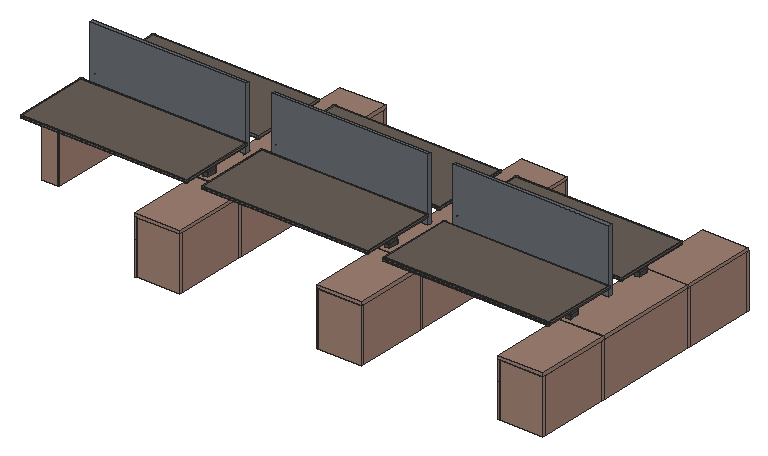
Revit family "T200198", category Furniture, Revit 2015 (continued)
Definition of nested family "STAKS HEIGHT ADJUSTABLE WORK GROUP PANEL BASE Dual User"
  Dimensions and locks (in)
    aligned and locked: plane 24 to Extrusion 16
    aligned and locked: Extrusion 16 to plane 27
    aligned and locked: Blend 17 to plane 25
    aligned and locked: plane 27 to Blend 17
    aligned and locked: Extrusion 18 to plane 24
    aligned and locked: Blend 19 to plane 27
    aligned and locked: plane 27 to Extrusion 18
    aligned and locked: plane 25 to Blend 19
  Automatic sketch dimensions
    Extrusion 1 sketch curve to plane 5 "Front End" = 0.00"
    plane 1 "Center Front/Back" to Extrusion 1 sketch curve = 0.00"
    Extrusion 2 sketch curve to plane 5 "Front End" = 0.00"
    Extrusion 2 sketch curve to plane 6 "Right End" = 0.00"
    Extrusion 2 sketch curve to plane 10 = 0.00"
    plane 1 "Center Front/Back" to Extrusion 2 sketch curve = 0.00"
    Extrusion 3 sketch curve to plane 5 "Front End" = 0.00"
    Extrusion 3 sketch curve to plane 18 = 0.00"
    Extrusion 4 sketch curve to plane 4 "Left End" = 0.00"
    Extrusion 4 sketch curve to plane 6 "Right End" = 0.00"
    Extrusion 4 sketch curve to plane 17 = 0.00"
    plane 1 "Center Front/Back" to Extrusion 4 sketch curve = 0.00"
    Extrusion 5 sketch curve to plane 5 "Front End" = 0.00"
    Extrusion 5 sketch curve to plane 20 = 0.00"
    Extrusion 5 sketch curve to plane 21 = 0.00"
    Extrusion 5 sketch curve to plane 18 = 0.00"
    Extrusion 6 sketch curve to plane 9 = 0.00"
    Extrusion 6 sketch curve to plane 10 = 0.00"
    Extrusion 6 sketch curve to plane 18 = 0.00"
    plane 1 "Center Front/Back" to Extrusion 6 sketch curve = 0.00"
    Extrusion 7 sketch curve to plane 4 "Left End" = 0.00"
    Extrusion 7 sketch curve to plane 6 "Right End" = 0.00"
    plane 17 to Extrusion 7 sketch curve = 0.00"
    Extrusion 7 sketch curve to plane 5 "Front End" = 0.00"
    Extrusion 8 sketch curve to plane 5 "Front End" = 0.00"
    Extrusion 8 sketch curve to plane 22 = 0.00"
    Extrusion 8 sketch curve to plane 23 = 0.00"
    Extrusion 8 sketch curve to plane 18 = 0.00"
    Extrusion 9 sketch curve to plane 11 = 0.00"
    Extrusion 9 sketch curve to plane 21 = 0.00"
    plane 23 to Extrusion 9 sketch curve = 0.00"
    plane 8 "Height Top" to Extrusion 9 sketch curve = 1.3125"
    Extrusion 10 sketch curve to plane 14 = 0.00"
    Extrusion 10 sketch curve to plane 16 = 0.00"
    Extrusion 10 sketch curve to plane 14 = 2.00"
    Extrusion 10 sketch curve to plane 16 = 0.125"  (x2)
    Extrusion 10 sketch curve to Extrusion 10 sketch curve = 3.50"
    Extrusion 10 sketch curve to Extrusion 10 sketch curve = 0.00"
    Extrusion 10 sketch curve to Extrusion 10 sketch curve = 0.125"
    Extrusion 11 sketch curve to plane 14 = 0.1875"
    Extrusion 11 sketch curve to plane 16 = 3.625"
    Extrusion 11 sketch curve to plane 16 = 0.1875"  (x2)
    Extrusion 11 sketch curve to plane 14 = 1.875"
    Extrusion 11 sketch curve to Extrusion 11 sketch curve = 0.0625"  (x3)
    Revolve 12 sketch curve to level = 0.00"
    plane 16 to Revolve 12 sketch curve = 0.00"
    Revolve 12 sketch curve to plane 12 = 0.00"  (x2)
    level to Revolve 12 sketch curve = 0.12502"
    Revolve 12 sketch curve to Revolve 12 sketch curve = 0.06202"
    Revolve 12 sketch curve to Revolve 12 sketch curve = 0.12498"
    Revolve 12 sketch curve to plane 16 = 0.188"  (x2)
    plane 12 to Revolve 12 sketch curve = 0.25"
    Revolve 13 sketch curve to level = 0.00"
    plane 15 to Revolve 13 sketch curve = 0.00"
    Revolve 13 sketch curve to plane 12 = 0.00"  (x2)
    level to Revolve 13 sketch curve = 0.25"
    Revolve 13 sketch curve to Revolve 13 sketch curve = 0.06202"
    Revolve 13 sketch curve to Revolve 13 sketch curve = 0.12498"
    plane 15 to Revolve 13 sketch curve = 0.188"  (x2)
    plane 12 to Revolve 13 sketch curve = 0.25"
    plane 14 to Extrusion 14 sketch curve = 0.00"
    Extrusion 14 sketch curve to plane 15 = 0.00"
    Extrusion 14 sketch curve to plane 14 = 0.125"  (x2)
    plane 15 to Extrusion 14 sketch curve = 0.125"
    Extrusion 14 sketch curve to Extrusion 14 sketch curve = 3.50"
    Extrusion 14 sketch curve to Extrusion 14 sketch curve = 0.00"
    Extrusion 14 sketch curve to Extrusion 14 sketch curve = 1.75"
    Extrusion 15 sketch curve to plane 14 = 0.1875"
    plane 15 to Extrusion 15 sketch curve = 3.625"
    Extrusion 15 sketch curve to plane 14 = 0.125"
    Extrusion 15 sketch curve to Extrusion 15 sketch curve = 0.0625"  (x2)
    plane 15 to Extrusion 15 sketch curve = 0.1875"  (x2)
    Extrusion 15 sketch curve to Extrusion 15 sketch curve = 1.625"
    Extrusion 16 sketch curve to plane 16 = 0.00"  (x2)
    plane 17 to Extrusion 16 sketch curve = 3.375"
    Extrusion 16 sketch curve to Extrusion 16 sketch curve = 0.125"  (x2)
    Extrusion 16 sketch curve to plane 14 = 2.125"
    Extrusion 16 sketch curve to Extrusion 16 sketch curve = 3.75"
    Extrusion 16 sketch curve to plane 16 = 3.75"
    Blend 17 sketch curve to plane 16 = 0.125"
    plane 17 to Blend 17 sketch curve = 2.125"
    Blend 17 sketch curve to Blend 17 sketch curve = 0.125"  (x4)
    Blend 17 sketch curve to Blend 17 sketch curve = 3.25"
    Blend 17 sketch curve to Blend 17 sketch curve = 0.00"
    Blend 17 sketch curve to plane 14 = 1.75"
    Blend 17 sketch curve to plane 16 = 0.00"  (x2)
    plane 17 to Blend 17 sketch curve = 3.375"
    plane 16 to Blend 17 sketch curve = 0.125"
    Blend 17 sketch curve to Blend 17 sketch curve = 3.75"
    Blend 17 sketch curve to plane 16 = 3.75"
    Blend 17 sketch curve to plane 14 = 2.00"
    Extrusion 18 sketch curve to plane 15 = 0.00"  (x2)
    Extrusion 18 sketch curve to plane 17 = 3.375"
    Extrusion 18 sketch curve to Extrusion 18 sketch curve = 0.125"  (x2)
    plane 14 to Extrusion 18 sketch curve = 2.125"
    Extrusion 18 sketch curve to plane 15 = 3.75"  (x2)
    Blend 19 sketch curve to plane 15 = 0.125"
    Blend 19 sketch curve to plane 17 = 2.125"
    Blend 19 sketch curve to Blend 19 sketch curve = 0.125"  (x5)
    Blend 19 sketch curve to Blend 19 sketch curve = 3.25"
    Blend 19 sketch curve to Blend 19 sketch curve = 0.00"
    plane 14 to Blend 19 sketch curve = 1.75"
    Blend 19 sketch curve to plane 15 = 0.00"  (x2)
    Blend 19 sketch curve to plane 17 = 3.375"
    Blend 19 sketch curve to plane 15 = 3.75"  (x2)
    plane 14 to Blend 19 sketch curve = 2.00"
Definition of nested family "STAKS HEIGHT ADJUSTABLE WORK GROUP CABINET Dual User"
  Parameters (values of type "STAKS HEIGHT ADJUSTABLE WORK GROUP CABINET Dual User")
    Width = 42.00"
    URL = "http://ofs.com"
    Top Material = none
    Top Board Back Offset = 0.00"
    Table Height [instance] = 27.75"
    Depth = 18.00"
    Column Plate Thickness = 2.00"
    Column Material = none
    Box Width = 7.00"
    Board Thick Top = 1.125"
    Board Thick Door = 0.75"
    Board Material = none
    Model = "6-4218HAWC3"
    Manufacturer = "OFS"
    Leg Caps Material = none
    Leg Offset = 2.00"
    Board Thick Internal = 0.75"
    Height = 23.00"
    Description = "OFS STAKS HEIGHT ADJUSTABLE CABINET Dual User (Two Lifting Columns)"
    Copyright © = "© OFS 2018"
    Catalog = "https://ofs.com/products/open-plan/benching/staks"
    Bottom Board Offset = 0.50"
    Board Thick Bot = 1.00"
    Board Thick Sides = 0.75"
    Board Thick Front = 0.75"
    Board Thick Back = 0.75"
    Authoring Version = "Autodesk Revit Architecture 2013"
    Assembly Code = "E2020200"
  Reference planes (in)
    plane 1 "Center Front/Back": y = 0
    plane 2: z = 0
    plane 3 "Center Left/Right": x = 0
    plane 4 "Left End": x = -21
    plane 5 "Front End": y = -17.25
    plane 6 "Right End": x = 21
    plane 7 "Back End": y = 0
    plane 8 "Height Top": z = 23
    plane 9: x = -20.25
    plane 10: x = 20.25
    plane 11: z = 21.875
    plane 12: z = 0.5
    plane 13: z = 1.5
    plane 14: y = -16.5
    plane 15: x = 19
    plane 16: x = -19
    plane 17: y = -18
    plane 18: y = -0.75
    plane 19: y = 0
    plane 20: x = -4.25
    plane 21: x = -3.5
    plane 22: x = 4.25
    plane 23: x = 3.5
    plane 24: z = 27.75
    plane 25: z = 25.75
    plane 26: z = 24.375
    plane 27: z = 26.75
  Forms (in)
    Extrusion 1, solid, material <- "Board Material"
      sketch origin (0, 0, 0) x (1, 0, 0) y (0, 1, 0)
        loop
          line (-21, -0.75) -> (-21, -17.25) -> (-20.25, -17.25) -> (-20.25, -0.75) -> (-21, -0.75)
      from 0.5 to 21.875
    Extrusion 2, solid, material <- "Board Material"
      sketch origin (0, 0, 0) x (-1, 0, 0) y (0, -1, 0)
        loop
          line (-21, 0.75) -> (-20.25, 0.75) -> (-20.25, 17.25) -> (-21, 17.25) -> (-21, 0.75)
      from 0.5 to 21.875
    Extrusion 3, solid, material <- "Board Material"
      sketch origin (0, 0, 0) x (1, 0, 0) y (0, 1, 0)
        loop
          line (-20.25, -0.75) -> (-20.25, -17.25) -> (20.25, -17.25) -> (20.25, -0.75) -> (-20.25, -0.75)
      from 0.5 to 1.5
    Extrusion 4, solid, material <- "Top Material"
      sketch origin (0, 0, 0) x (1, 0, 0) y (0, 1, 0)
        loop
          line (-21, 0) -> (-21, -18) -> (21, -18) -> (21, 0) -> (-21, 0)
      from 21.875 to 23
    Extrusion 5, solid, material <- "Board Material"
      sketch origin (0, 0, 0) x (1, 0, 0) y (0, 1, 0)
        loop
          line (-4.25, -0.75) -> (-4.25, -17.25) -> (-3.5, -17.25) -> (-3.5, -0.75) -> (-4.25, -0.75)
      from 1.5 to 21.875
    Extrusion 6, solid, material <- "Board Material"
      sketch origin (0, 27.875, 0) x (1, 0, 0) y (0, 1, 0)
        loop
          line (-21, -27.875) -> (-21, -28.625) -> (21, -28.625) -> (21, -27.875) -> (-21, -27.875)
      from 0.5 to 21.875
    Extrusion 7, solid, material <- "Board Material"
      sketch origin (0, 0, 0) x (1, 0, 0) y (0, 1, 0)
        loop
          line (21, -17.25) -> (-21, -17.25) -> (-21, -18) -> (21, -18) -> (21, -17.25)
      from 0.5 to 21.875
    Extrusion 8, solid, material <- "Board Material"
      sketch origin (0, 0, 0) x (-1, 0, 0) y (0, -1, 0)
        loop
          line (-4.25, 0.75) -> (-3.5, 0.75) -> (-3.5, 17.25) -> (-4.25, 17.25) -> (-4.25, 0.75)
      from 1.5 to 21.875
    Extrusion 9, void
      sketch origin (0, 0, 0) x (1, 0, 0) y (0, 0, 1)
        loop
          line (3.5, 21.875) -> (-3.5, 21.875)
          arc (-3.5, 21.875) -> (0, 20.04736) -> (3.5, 21.875) r 4.26514
      from 0 to 18
    Extrusion 10, solid, material <- "Column Material"
      sketch origin (7.27539, 70.81173, 0) x (-1, 0, 0) y (0, -1, 0)
        loop
          arc (26.15039, 85.31173) -> (26.23878, 85.34834) -> (26.27539, 85.43673) r 0.125
          line (26.27539, 85.43673) -> (26.27539, 87.18673)
          arc (26.27539, 87.18673) -> (26.23878, 87.27512) -> (26.15039, 87.31173) r 0.125
          line (26.15039, 87.31173) -> (22.65039, 87.31173)
          arc (22.65039, 87.31173) -> (22.562, 87.27512) -> (22.52539, 87.18673) r 0.125
          line (22.52539, 87.18673) -> (22.52539, 85.43673)
          arc (22.52539, 85.43673) -> (22.562, 85.34834) -> (22.65039, 85.31173) r 0.125
          line (22.65039, 85.31173) -> (26.15039, 85.31173)
      from 23 to 24.375
    Extrusion 11, solid, material <- "Column Material"
      sketch origin (7.27539, 70.81173, 0) x (-1, 0, 0) y (0, -1, 0)
        loop
          line (22.71289, 85.43673) -> (26.08789, 85.43673)
          arc (26.08789, 85.43673) -> (26.13208, 85.45504) -> (26.15039, 85.49923) r 0.0625
          line (26.15039, 85.49923) -> (26.15039, 87.12423)
          arc (26.15039, 87.12423) -> (26.13208, 87.16843) -> (26.08789, 87.18673) r 0.0625
          line (26.08789, 87.18673) -> (22.71289, 87.18673)
          arc (22.71289, 87.18673) -> (22.66869, 87.16843) -> (22.65039, 87.12423) r 0.0625
          line (22.65039, 87.12423) -> (22.65039, 85.49923)
          arc (22.65039, 85.49923) -> (22.66869, 85.45504) -> (22.71289, 85.43673) r 0.0625
      from 24.375 to 25.75
    Revolve 12, solid, material <- "Leg Caps Material"
      sketch origin (7.02629, -3.5, 0) x (1, 0, 0) y (0, 0, 1)
        loop
          line (-26.02629, 0.5) -> (-26.02629, 0.25) -> (-26.08831, 0.25)
          arc (-26.08831, 0.25) -> (-26.17668, 0.2134) -> (-26.21329, 0.12502) r 0.12498
          line (-26.21329, 0.12502) -> (-26.21329, 0) -> (-25.83829, 0) -> (-25.83829, 0.5) -> (-26.02629, 0.5)
        axis (-25.83829, 0) -> (-25.83829, 0.5)
      angle from 0 to 360
    Revolve 13, solid, material <- "Leg Caps Material"
      sketch origin (-7.02629, -3.5, 0) x (-1, 0, 0) y (0, 0, -1)
        loop
          line (-26.02629, -0.5) -> (-25.83829, -0.5) -> (-25.83829, 0) -> (-26.21329, 0) -> (-26.21329, -0.12502)
          arc (-26.21329, -0.12502) -> (-26.17668, -0.2134) -> (-26.08831, -0.25) r 0.12498
          line (-26.08831, -0.25) -> (-26.02629, -0.25) -> (-26.02629, -0.5)
        axis (-25.83829, 0) -> (-25.83829, -0.5)
      angle from 0 to 360
    Extrusion 14, solid, material <- "Column Material"
      sketch origin (-7.27539, 70.81173, 0) x (1, 0, 0) y (0, 1, 0)
        loop
          line (26.15039, -85.31173) -> (22.65039, -85.31173)
          arc (22.65039, -85.31173) -> (22.562, -85.34834) -> (22.52539, -85.43673) r 0.125
          line (22.52539, -85.43673) -> (22.52539, -87.18673)
          arc (22.52539, -87.18673) -> (22.562, -87.27512) -> (22.65039, -87.31173) r 0.125
          line (22.65039, -87.31173) -> (26.15039, -87.31173)
          arc (26.15039, -87.31173) -> (26.23878, -87.27512) -> (26.27539, -87.18673) r 0.125
          line (26.27539, -87.18673) -> (26.27539, -85.43673)
          arc (26.27539, -85.43673) -> (26.23878, -85.34834) -> (26.15039, -85.31173) r 0.125
      from 23 to 24.375
    Extrusion 15, solid, material <- "Column Material"
      sketch origin (-7.27539, 70.81173, 0) x (1, 0, 0) y (0, 1, 0)
        loop
          arc (22.71289, -85.43673) -> (22.66869, -85.45504) -> (22.65039, -85.49923) r 0.0625
          line (22.65039, -85.49923) -> (22.65039, -87.12423)
          arc (22.65039, -87.12423) -> (22.66869, -87.16843) -> (22.71289, -87.18673) r 0.0625
          line (22.71289, -87.18673) -> (26.08789, -87.18673)
          arc (26.08789, -87.18673) -> (26.13208, -87.16843) -> (26.15039, -87.12423) r 0.0625
          line (26.15039, -87.12423) -> (26.15039, -85.49923)
          arc (26.15039, -85.49923) -> (26.13208, -85.45504) -> (26.08789, -85.43673) r 0.0625
          line (26.08789, -85.43673) -> (22.71289, -85.43673)
      from 24.375 to 25.75
    Extrusion 16, solid, material <- "Column Material"
      sketch origin (0, 0, 0) x (1, 0, 0) y (0, 1, 0)
        loop
          line (-15.25, -14.375) -> (-19, -14.375)
          arc (-19, -14.375) -> (-19.08839, -14.41161) -> (-19.125, -14.5) r 0.125
          line (-19.125, -14.5) -> (-19.125, -21.25)
          arc (-19.125, -21.25) -> (-19.08839, -21.33839) -> (-19, -21.375) r 0.125
          line (-19, -21.375) -> (-15.25, -21.375)
          arc (-15.25, -21.375) -> (-15.16161, -21.33839) -> (-15.125, -21.25) r 0.125
          line (-15.125, -21.25) -> (-15.125, -14.5)
          arc (-15.125, -14.5) -> (-15.16161, -14.41161) -> (-15.25, -14.375) r 0.125
      from 26.75 to 27.75
    Blend 17, solid, material <- "Column Material"
      base sketch origin (0, 0, 0) x (1, 0, 0) y (0, 1, 0)
        loop
          line (-15.375, -20) -> (-15.375, -14.75)
          arc (-15.375, -14.75) -> (-15.41161, -14.66161) -> (-15.5, -14.625) r 0.125
          line (-15.5, -14.625) -> (-18.75, -14.625)
          arc (-18.75, -14.625) -> (-18.83839, -14.66161) -> (-18.875, -14.75) r 0.125
          line (-18.875, -14.75) -> (-18.875, -20)
          arc (-18.875, -20) -> (-18.83839, -20.08839) -> (-18.75, -20.125) r 0.125
          line (-18.75, -20.125) -> (-15.5, -20.125)
          arc (-15.5, -20.125) -> (-15.41161, -20.08839) -> (-15.375, -20) r 0.125
      top sketch origin (0, 0, 0) x (1, 0, 0) y (0, 1, 0)
        loop
          line (-15.125, -21.25) -> (-15.125, -14.5)
          arc (-15.125, -14.5) -> (-15.16161, -14.41161) -> (-15.25, -14.375) r 0.125
          line (-15.25, -14.375) -> (-19, -14.375)
          arc (-19, -14.375) -> (-19.08839, -14.41161) -> (-19.125, -14.5) r 0.125
          line (-19.125, -14.5) -> (-19.125, -21.25)
          arc (-19.125, -21.25) -> (-19.08839, -21.33839) -> (-19, -21.375) r 0.125
          line (-19, -21.375) -> (-15.25, -21.375)
          arc (-15.25, -21.375) -> (-15.16161, -21.33839) -> (-15.125, -21.25) r 0.125
      from 25.75 to 26.75
    Extrusion 18, solid, material <- "Column Material"
      sketch origin (0, 0, 0) x (-1, 0, 0) y (0, -1, 0)
        loop
          arc (-15.25, 14.375) -> (-15.16161, 14.41161) -> (-15.125, 14.5) r 0.125
          line (-15.125, 14.5) -> (-15.125, 21.25)
          arc (-15.125, 21.25) -> (-15.16161, 21.33839) -> (-15.25, 21.375) r 0.125
          line (-15.25, 21.375) -> (-19, 21.375)
          arc (-19, 21.375) -> (-19.08839, 21.33839) -> (-19.125, 21.25) r 0.125
          line (-19.125, 21.25) -> (-19.125, 14.5)
          arc (-19.125, 14.5) -> (-19.08839, 14.41161) -> (-19, 14.375) r 0.125
          line (-19, 14.375) -> (-15.25, 14.375)
      from 26.75 to 27.75
    Blend 19, solid, material <- "Column Material"
      base sketch origin (0, 0, 0) x (-1, 0, 0) y (0, -1, 0)
        loop
          arc (-15.375, 20) -> (-15.41161, 20.08839) -> (-15.5, 20.125) r 0.125
          line (-15.5, 20.125) -> (-18.75, 20.125)
          arc (-18.75, 20.125) -> (-18.83839, 20.08839) -> (-18.875, 20) r 0.125
          line (-18.875, 20) -> (-18.875, 14.75)
          arc (-18.875, 14.75) -> (-18.83839, 14.66161) -> (-18.75, 14.625) r 0.125
          line (-18.75, 14.625) -> (-15.5, 14.625)
          arc (-15.5, 14.625) -> (-15.41161, 14.66161) -> (-15.375, 14.75) r 0.125
          line (-15.375, 14.75) -> (-15.375, 20)
      top sketch origin (0, 0, 0) x (-1, 0, 0) y (0, -1, 0)
        loop
          arc (-15.125, 21.25) -> (-15.16161, 21.33839) -> (-15.25, 21.375) r 0.125
          line (-15.25, 21.375) -> (-19, 21.375)
          arc (-19, 21.375) -> (-19.08839, 21.33839) -> (-19.125, 21.25) r 0.125
          line (-19.125, 21.25) -> (-19.125, 14.5)
          arc (-19.125, 14.5) -> (-19.08839, 14.41161) -> (-19, 14.375) r 0.125
          line (-19, 14.375) -> (-15.25, 14.375)
          arc (-15.25, 14.375) -> (-15.16161, 14.41161) -> (-15.125, 14.5) r 0.125
          line (-15.125, 14.5) -> (-15.125, 21.25)
      from 25.75 to 26.75
    Revolve 20, solid, material <- "Leg Caps Material"
      sketch origin (7.02629, -14.5, 0) x (1, 0, 0) y (0, 0, -1)
        loop
          line (-26.02629, -0.5) -> (-25.83829, -0.5) -> (-25.83829, 0) -> (-26.21329, 0) -> (-26.21329, -0.12502)
          arc (-26.21329, -0.12502) -> (-26.17668, -0.2134) -> (-26.08831, -0.25) r 0.12498
          line (-26.08831, -0.25) -> (-26.02629, -0.25) -> (-26.02629, -0.5)
        axis (-25.83829, 0) -> (-25.83829, -0.5)
      angle from 0 to 360
    Revolve 21, solid, material <- "Leg Caps Material"
      sketch origin (-7.02629, -14.5, 0) x (-1, 0, 0) y (0, 0, 1)
        loop
          line (-26.02629, 0.5) -> (-26.02629, 0.25) -> (-26.08831, 0.25)
          arc (-26.08831, 0.25) -> (-26.17668, 0.2134) -> (-26.21329, 0.12502) r 0.12498
          line (-26.21329, 0.12502) -> (-26.21329, 0) -> (-25.83829, 0) -> (-25.83829, 0.5) -> (-26.02629, 0.5)
        axis (-25.83829, 0) -> (-25.83829, 0.5)
      angle from 0 to 360
  Cuts and joins
    Extrusion 9 cuts Extrusion 7
  Dimensions and locks (in)
    equal spacing: plane 4 "Left End", plane 3 "Center Left/Right", plane 6 "Right End"
    "Width": plane 4 "Left End" to plane 6 "Right End"
    "Height": plane 8 "Height Top" to level
    "Board Thick Sides": plane 4 "Left End" to plane 9
    "Board Thick Sides": plane 10 to plane 6 "Right End"
    "Board Thick Top": plane 8 "Height Top" to plane 11
    "Board Thick Bot": plane 13 to plane 12
    "Bottom Board Offset": plane 12 to level
    "Board Thick Front": plane 14 to plane 5 "Front End"
    "Leg Offset": plane 15 to plane 6 "Right End"
    "Leg Offset": plane 4 "Left End" to plane 16
    "Board Thick Door": plane 17 to plane 5 "Front End"
    "Board Thick Back": plane 18 to plane 1 "Center Front/Back"
    "Depth": plane 17 to plane 1 "Center Front/Back"
    "Top Board Back Offset": plane 19 to plane 7 "Back End"
    equal spacing: plane 21, plane 3 "Center Left/Right", plane 23
    "Box Width": plane 21 to plane 23
    "Board Thick Internal": plane 23 to plane 22
    "Board Thick Internal": plane 20 to plane 21
    "Table Height": plane 24 to level
    "Column Plate Thickness": plane 24 to plane 25
    equal spacing: plane 25, plane 26, plane 8 "Height Top"
    equal spacing: plane 24, plane 27, plane 25
    aligned and locked: level to plane 2
    aligned and locked: plane 4 "Left End" to Extrusion 1 sketch curve
    aligned and locked: Extrusion 1 sketch curve to plane 9
    aligned and locked: plane 10 to Extrusion 2
    aligned and locked: Extrusion 2 to plane 6 "Right End"
    aligned and locked: plane 12 to Extrusion 2
    aligned and locked: plane 10 to Extrusion 3 sketch curve
    aligned and locked: Extrusion 3 sketch curve to plane 9
    aligned and locked: Extrusion 6 to plane 12
    aligned and locked: Extrusion 3 to plane 13
    aligned and locked: Extrusion 3 to plane 12
    aligned and locked: Extrusion 6 to plane 11
    aligned and locked: Extrusion 2 to plane 11
    aligned and locked: Extrusion 4 to plane 17
    aligned and locked: Extrusion 4 to plane 6 "Right End"
    aligned and locked: Extrusion 4 to plane 4 "Left End"
    aligned and locked: plane 8 "Height Top" to Extrusion 4
    aligned and locked: Extrusion 4 to plane 11
    aligned and locked: Extrusion 7 to plane 11
    aligned and locked: Extrusion 6 to plane 18
    aligned and locked: Extrusion 6 to plane 1 "Center Front/Back"
    aligned and locked: Extrusion 4 to plane 19
    aligned and locked: Extrusion 3 to plane 18
    aligned and locked: plane 11 to Extrusion 8
    aligned and locked: Extrusion 8 to plane 13
    aligned and locked: Extrusion 4 to Extrusion 9
    aligned and locked: Extrusion 6 to Extrusion 9
    aligned and locked: Extrusion 9 to Extrusion 2
    aligned and locked: plane 23 to Extrusion 8
    aligned and locked: Extrusion 8 to plane 22
    aligned and locked: Extrusion 5 to plane 20
    aligned and locked: cut or joined group of Extrusion 7, Extrusion 9 to plane 12
    aligned and locked: plane 25 to Extrusion 11
    aligned and locked: plane 26 to Extrusion 10
    aligned and locked: Extrusion 11 to plane 26
    aligned and locked: plane 11 to Extrusion 1
    aligned and locked: plane 11 to Extrusion 5
    aligned and locked: Extrusion 1 to plane 5 "Front End"
    aligned and locked: Extrusion 2 to plane 5 "Front End"
    aligned and locked: cut or joined group of Extrusion 7, Extrusion 9 to plane 4 "Left End"
    aligned and locked: cut or joined group of Extrusion 7, Extrusion 9 to plane 6 "Right End"
    aligned and locked: Extrusion 1 to plane 12
    aligned and locked: plane 16 to Revolve 12
    aligned and locked: plane 15 to Revolve 13
    aligned and locked: Extrusion 5 to plane 13
    aligned and locked: Extrusion 10 to plane 8 "Height Top"
    aligned and locked: Extrusion 14 to plane 8 "Height Top"
    aligned and locked: Extrusion 15 to plane 25
    aligned and locked: Extrusion 14 to plane 26
    aligned and locked: plane 26 to Extrusion 15
    aligned and locked: plane 24 to Extrusion 16
    aligned and locked: Extrusion 16 to plane 27
    aligned and locked: Blend 17 to plane 25
    aligned and locked: plane 27 to Blend 17
    aligned and locked: Extrusion 18 to plane 24
    aligned and locked: Blend 19 to plane 27
    aligned and locked: plane 27 to Extrusion 18
    aligned and locked: plane 25 to Blend 19
    aligned and locked: Extrusion 6 to plane 4 "Left End"
    aligned and locked: Extrusion 6 to plane 6 "Right End"
    aligned and locked: plane 18 to Extrusion 2
    aligned and locked: plane 18 to Extrusion 1
  Automatic sketch dimensions
    Extrusion 1 sketch curve to plane 5 "Front End" = 0.00"
    plane 1 "Center Front/Back" to Extrusion 1 sketch curve = 0.75"
    Extrusion 2 sketch curve to plane 5 "Front End" = 0.00"
    Extrusion 2 sketch curve to plane 6 "Right End" = 0.00"
    Extrusion 2 sketch curve to plane 10 = 0.00"
    Extrusion 2 sketch curve to plane 1 "Center Front/Back" = 0.75"
    Extrusion 3 sketch curve to plane 5 "Front End" = 0.00"
    Extrusion 3 sketch curve to plane 18 = 0.00"
    Extrusion 4 sketch curve to plane 4 "Left End" = 0.00"
    Extrusion 4 sketch curve to plane 6 "Right End" = 0.00"
    Extrusion 4 sketch curve to plane 17 = 0.00"
    plane 1 "Center Front/Back" to Extrusion 4 sketch curve = 0.00"
    Extrusion 5 sketch curve to plane 5 "Front End" = 0.00"
    Extrusion 5 sketch curve to plane 20 = 0.00"
    Extrusion 5 sketch curve to plane 21 = 0.00"
    Extrusion 5 sketch curve to plane 18 = 0.00"
    Extrusion 6 sketch curve to plane 9 = 0.75"
    Extrusion 6 sketch curve to plane 10 = 0.75"
    Extrusion 6 sketch curve to plane 18 = 0.00"
    plane 1 "Center Front/Back" to Extrusion 6 sketch curve = 0.00"
    Extrusion 7 sketch curve to plane 4 "Left End" = 0.00"
    Extrusion 7 sketch curve to plane 6 "Right End" = 0.00"
    plane 17 to Extrusion 7 sketch curve = 0.00"
    Extrusion 7 sketch curve to plane 5 "Front End" = 0.00"
    Extrusion 8 sketch curve to plane 5 "Front End" = 0.00"
    Extrusion 8 sketch curve to plane 22 = 0.00"
    Extrusion 8 sketch curve to plane 23 = 0.00"
    Extrusion 8 sketch curve to plane 18 = 0.00"
    Extrusion 9 sketch curve to plane 11 = 0.00"
    Extrusion 9 sketch curve to plane 21 = 0.00"
    plane 23 to Extrusion 9 sketch curve = 0.00"
    plane 8 "Height Top" to Extrusion 9 sketch curve = 1.3125"
    Extrusion 10 sketch curve to plane 14 = 0.00"
    Extrusion 10 sketch curve to plane 16 = 0.00"
    Extrusion 10 sketch curve to plane 14 = 2.00"
    Extrusion 10 sketch curve to plane 16 = 0.125"  (x2)
    Extrusion 10 sketch curve to Extrusion 10 sketch curve = 3.50"
    Extrusion 10 sketch curve to Extrusion 10 sketch curve = 0.00"
    Extrusion 10 sketch curve to Extrusion 10 sketch curve = 0.125"
    Extrusion 11 sketch curve to plane 14 = 0.1875"
    Extrusion 11 sketch curve to plane 16 = 3.625"
    Extrusion 11 sketch curve to plane 16 = 0.1875"  (x2)
    Extrusion 11 sketch curve to plane 14 = 1.875"
    Extrusion 11 sketch curve to Extrusion 11 sketch curve = 0.0625"  (x3)
    Revolve 12 sketch curve to level = 0.00"
    plane 16 to Revolve 12 sketch curve = 0.00"
    Revolve 12 sketch curve to plane 12 = 0.00"  (x2)
    level to Revolve 12 sketch curve = 0.12502"
    Revolve 12 sketch curve to Revolve 12 sketch curve = 0.06202"
    Revolve 12 sketch curve to Revolve 12 sketch curve = 0.12498"
    Revolve 12 sketch curve to plane 16 = 0.188"  (x2)
    plane 12 to Revolve 12 sketch curve = 0.25"
    Revolve 13 sketch curve to level = 0.00"
    plane 15 to Revolve 13 sketch curve = 0.00"
    Revolve 13 sketch curve to plane 12 = 0.00"  (x2)
    level to Revolve 13 sketch curve = 0.25"
    Revolve 13 sketch curve to Revolve 13 sketch curve = 0.06202"
    Revolve 13 sketch curve to Revolve 13 sketch curve = 0.12498"
    plane 15 to Revolve 13 sketch curve = 0.188"  (x2)
    plane 12 to Revolve 13 sketch curve = 0.25"
    plane 14 to Extrusion 14 sketch curve = 0.00"
    Extrusion 14 sketch curve to plane 15 = 0.00"
    Extrusion 14 sketch curve to plane 14 = 0.125"
    plane 15 to Extrusion 14 sketch curve = 0.125"
    Extrusion 14 sketch curve to Extrusion 14 sketch curve = 3.50"
    Extrusion 14 sketch curve to Extrusion 14 sketch curve = 0.00"
    Extrusion 14 sketch curve to Extrusion 14 sketch curve = 0.125"
    Extrusion 14 sketch curve to Extrusion 14 sketch curve = 1.75"
    Extrusion 15 sketch curve to plane 14 = 0.1875"
    plane 15 to Extrusion 15 sketch curve = 3.625"
    Extrusion 15 sketch curve to plane 14 = 0.125"
    Extrusion 15 sketch curve to Extrusion 15 sketch curve = 0.0625"  (x2)
    plane 15 to Extrusion 15 sketch curve = 0.1875"  (x2)
    Extrusion 15 sketch curve to Extrusion 15 sketch curve = 1.625"
    Extrusion 16 sketch curve to plane 16 = 0.00"  (x2)
    plane 17 to Extrusion 16 sketch curve = 3.375"
    plane 16 to Extrusion 16 sketch curve = 0.125"
    Extrusion 16 sketch curve to plane 14 = 2.125"
    Extrusion 16 sketch curve to Extrusion 16 sketch curve = 3.75"  (x2)
    Extrusion 16 sketch curve to Extrusion 16 sketch curve = 0.125"
    Blend 17 sketch curve to plane 16 = 0.125"
    plane 17 to Blend 17 sketch curve = 2.125"
    Blend 17 sketch curve to Blend 17 sketch curve = 0.125"  (x4)
    Blend 17 sketch curve to Blend 17 sketch curve = 3.25"
    Blend 17 sketch curve to Blend 17 sketch curve = 0.00"
    Blend 17 sketch curve to plane 14 = 1.75"
    Blend 17 sketch curve to plane 16 = 0.00"  (x2)
    plane 17 to Blend 17 sketch curve = 3.375"
    plane 16 to Blend 17 sketch curve = 0.125"
    Blend 17 sketch curve to Blend 17 sketch curve = 3.75"  (x2)
    Blend 17 sketch curve to plane 14 = 2.00"
    Extrusion 18 sketch curve to plane 15 = 0.00"  (x2)
    Extrusion 18 sketch curve to plane 17 = 3.375"
    plane 15 to Extrusion 18 sketch curve = 0.125"
    plane 14 to Extrusion 18 sketch curve = 2.125"
    Extrusion 18 sketch curve to Extrusion 18 sketch curve = 3.75"  (x2)
    Extrusion 18 sketch curve to Extrusion 18 sketch curve = 0.125"
    Blend 19 sketch curve to plane 15 = 0.125"
    Blend 19 sketch curve to plane 17 = 2.125"
    Blend 19 sketch curve to Blend 19 sketch curve = 0.125"  (x4)
    Blend 19 sketch curve to Blend 19 sketch curve = 3.25"
    Blend 19 sketch curve to Blend 19 sketch curve = 0.00"
    plane 14 to Blend 19 sketch curve = 1.75"
    Blend 19 sketch curve to plane 15 = 0.00"  (x2)
    Blend 19 sketch curve to plane 17 = 3.375"
    plane 15 to Blend 19 sketch curve = 0.125"
    Blend 19 sketch curve to Blend 19 sketch curve = 3.75"  (x2)
    plane 14 to Blend 19 sketch curve = 2.00"
    Revolve 20 sketch curve to level = 0.00"
    plane 16 to Revolve 20 sketch curve = 0.00"
    Revolve 20 sketch curve to plane 12 = 0.00"  (x2)
    level to Revolve 20 sketch curve = 0.25"
    Revolve 20 sketch curve to Revolve 20 sketch curve = 0.06202"
    Revolve 20 sketch curve to Revolve 20 sketch curve = 0.12498"
    Revolve 20 sketch curve to plane 16 = 0.188"  (x2)
    plane 12 to Revolve 20 sketch curve = 0.25"
    Revolve 21 sketch curve to level = 0.00"
    plane 15 to Revolve 21 sketch curve = 0.00"
    Revolve 21 sketch curve to plane 12 = 0.00"  (x2)
    level to Revolve 21 sketch curve = 0.12502"
    Revolve 21 sketch curve to plane 15 = 0.06202"
    Revolve 21 sketch curve to Revolve 21 sketch curve = 0.12498"
    plane 15 to Revolve 21 sketch curve = 0.188"  (x2)
    plane 12 to Revolve 21 sketch curve = 0.25"
Definition of nested family "STAKS HEIGHT ADJUSTABLE WORK GROUP CABINET Double Sided Dual User"
  Parameters (values of type "STAKS HEIGHT ADJUSTABLE WORK GROUP CABINET Double Sided Dual User")
    Width = 42.00"
    URL = "http://ofs.com"
    Top Material = none
    Top Board Back Offset = 0.00"
    Table Height [instance] = 27.75"
    Depth = 18.00"
    Column Plate Thickness = 2.00"
    Column Material = none
    Box Width = 7.00"
    Board Thick Top = 1.125"
    Board Thick Door = 0.75"
    Board Material = none
    Model = "6-4218HAWC2"
    Manufacturer = "OFS"
    Leg Caps Material = none
    Leg Offset = 2.00"
    Board Thick Internal = 0.75"
    Height = 23.00"
    Description = "OFS STAKS HEIGHT ADJUSTABLE CABINET Double Sided Dual User (Four Lifting Columns)"
    Copyright © = "© OFS \"018"
    Catalog = "https://ofs.com/products/open-plan/benching/staks"
    Bottom Board Offset = 0.50"
    Board Thick Bot = 1.00"
    Board Thick Sides = 0.75"
    Board Thick Front = 0.75"
    Board Thick Back = 0.75"
    Authoring Version = "Autodesk Revit Architecture 2013"
    Assembly Code = "E2020200"
  Reference planes (in)
    plane 1 "Center Front/Back": y = 0
    plane 2: z = 0
    plane 3 "Center Left/Right": x = 0
    plane 4 "Left End": x = -21
    plane 5 "Front End": y = -17.25
    plane 6 "Right End": x = 21
    plane 7 "Back End": y = 0
    plane 8 "Height Top": z = 23
    plane 9: x = -20.25
    plane 10: x = 20.25
    plane 11: z = 21.875
    plane 12: z = 0.5
    plane 13: z = 1.5
    plane 14: y = -16.5
    plane 15: x = 19
    plane 16: x = -19
    plane 17: y = -18
    plane 18: y = -0.75
    plane 19: y = 0
    plane 20: x = -4.25
    plane 21: x = -3.5
    plane 22: x = 4.25
    plane 23: x = 3.5
    plane 24: z = 27.75
    plane 25: z = 25.75
    plane 26: z = 24.375
    plane 27: z = 26.75
  Forms (in)
    Extrusion 1, solid, material <- "Board Material"
      sketch origin (0, 0, 0) x (1, 0, 0) y (0, 1, 0)
        loop
          line (-21, -0.75) -> (-21, -17.25) -> (-20.25, -17.25) -> (-20.25, -0.75) -> (-21, -0.75)
      from 0.5 to 21.875
    Extrusion 2, solid, material <- "Board Material"
      sketch origin (0, 0, 0) x (-1, 0, 0) y (0, -1, 0)
        loop
          line (-21, 0.75) -> (-20.25, 0.75) -> (-20.25, 17.25) -> (-21, 17.25) -> (-21, 0.75)
      from 0.5 to 21.875
    Extrusion 3, solid, material <- "Board Material"
      sketch origin (0, 0, 0) x (1, 0, 0) y (0, 1, 0)
        loop
          line (-20.25, -0.75) -> (-20.25, -17.25) -> (20.25, -17.25) -> (20.25, -0.75) -> (-20.25, -0.75)
      from 0.5 to 1.5
    Extrusion 4, solid, material <- "Top Material"
      sketch origin (0, 0, 0) x (1, 0, 0) y (0, 1, 0)
        loop
          line (-21, 0) -> (-21, -18) -> (21, -18) -> (21, 0) -> (-21, 0)
      from 21.875 to 23
    Extrusion 5, solid, material <- "Board Material"
      sketch origin (0, 0, 0) x (1, 0, 0) y (0, 1, 0)
        loop
          line (-4.25, -0.75) -> (-4.25, -17.25) -> (-3.5, -17.25) -> (-3.5, -0.75) -> (-4.25, -0.75)
      from 1.5 to 21.875
    Extrusion 6, solid, material <- "Board Material"
      sketch origin (0, 27.875, 0) x (1, 0, 0) y (0, 1, 0)
        loop
          line (-21, -27.875) -> (-21, -28.625) -> (21, -28.625) -> (21, -27.875) -> (-21, -27.875)
      from 0.5 to 21.875
    Extrusion 7, solid, material <- "Board Material"
      sketch origin (0, 0, 0) x (1, 0, 0) y (0, 1, 0)
        loop
          line (21, -17.25) -> (-21, -17.25) -> (-21, -18) -> (21, -18) -> (21, -17.25)
      from 0.5 to 21.875
    Extrusion 8, solid, material <- "Board Material"
      sketch origin (0, 0, 0) x (-1, 0, 0) y (0, -1, 0)
        loop
          line (-4.25, 0.75) -> (-3.5, 0.75) -> (-3.5, 17.25) -> (-4.25, 17.25) -> (-4.25, 0.75)
      from 1.5 to 21.875
    Extrusion 9, void
      sketch origin (0, 0, 0) x (1, 0, 0) y (0, 0, 1)
        loop
          line (3.5, 21.875) -> (-3.5, 21.875)
          arc (-3.5, 21.875) -> (0, 20.04736) -> (3.5, 21.875) r 4.26514
      from 0 to 18
    Extrusion 10, solid, material <- "Column Material"
      sketch origin (7.27539, 70.81173, 0) x (-1, 0, 0) y (0, -1, 0)
        loop
          arc (26.15039, 85.31173) -> (26.23878, 85.34834) -> (26.27539, 85.43673) r 0.125
          line (26.27539, 85.43673) -> (26.27539, 87.18673)
          arc (26.27539, 87.18673) -> (26.23878, 87.27512) -> (26.15039, 87.31173) r 0.125
          line (26.15039, 87.31173) -> (22.65039, 87.31173)
          arc (22.65039, 87.31173) -> (22.562, 87.27512) -> (22.52539, 87.18673) r 0.125
          line (22.52539, 87.18673) -> (22.52539, 85.43673)
          arc (22.52539, 85.43673) -> (22.562, 85.34834) -> (22.65039, 85.31173) r 0.125
          line (22.65039, 85.31173) -> (26.15039, 85.31173)
      from 23 to 24.375
    Extrusion 11, solid, material <- "Column Material"
      sketch origin (7.27539, 70.81173, 0) x (-1, 0, 0) y (0, -1, 0)
        loop
          line (22.71289, 85.43673) -> (26.08789, 85.43673)
          arc (26.08789, 85.43673) -> (26.13208, 85.45504) -> (26.15039, 85.49923) r 0.0625
          line (26.15039, 85.49923) -> (26.15039, 87.12423)
          arc (26.15039, 87.12423) -> (26.13208, 87.16843) -> (26.08789, 87.18673) r 0.0625
          line (26.08789, 87.18673) -> (22.71289, 87.18673)
          arc (22.71289, 87.18673) -> (22.66869, 87.16843) -> (22.65039, 87.12423) r 0.0625
          line (22.65039, 87.12423) -> (22.65039, 85.49923)
          arc (22.65039, 85.49923) -> (22.66869, 85.45504) -> (22.71289, 85.43673) r 0.0625
      from 24.375 to 25.75
    Revolve 12, solid, material <- "Leg Caps Material"
      sketch origin (7.02629, -3.5, 0) x (1, 0, 0) y (0, 0, 1)
        loop
          line (-26.02629, 0.5) -> (-26.02629, 0.25) -> (-26.08831, 0.25)
          arc (-26.08831, 0.25) -> (-26.17668, 0.2134) -> (-26.21329, 0.12502) r 0.12498
          line (-26.21329, 0.12502) -> (-26.21329, 0) -> (-25.83829, 0) -> (-25.83829, 0.5) -> (-26.02629, 0.5)
        axis (-25.83829, 0) -> (-25.83829, 0.5)
      angle from 0 to 360
    Revolve 13, solid, material <- "Leg Caps Material"
      sketch origin (-7.02629, -3.5, 0) x (-1, 0, 0) y (0, 0, -1)
        loop
          line (-26.02629, -0.5) -> (-25.83829, -0.5) -> (-25.83829, 0) -> (-26.21329, 0) -> (-26.21329, -0.12502)
          arc (-26.21329, -0.12502) -> (-26.17668, -0.2134) -> (-26.08831, -0.25) r 0.12498
          line (-26.08831, -0.25) -> (-26.02629, -0.25) -> (-26.02629, -0.5)
        axis (-25.83829, 0) -> (-25.83829, -0.5)
      angle from 0 to 360
    Extrusion 14, solid, material <- "Column Material"
      sketch origin (-7.27539, 70.81173, 0) x (1, 0, 0) y (0, 1, 0)
        loop
          line (26.15039, -85.31173) -> (22.65039, -85.31173)
          arc (22.65039, -85.31173) -> (22.562, -85.34834) -> (22.52539, -85.43673) r 0.125
          line (22.52539, -85.43673) -> (22.52539, -87.18673)
          arc (22.52539, -87.18673) -> (22.562, -87.27512) -> (22.65039, -87.31173) r 0.125
          line (22.65039, -87.31173) -> (26.15039, -87.31173)
          arc (26.15039, -87.31173) -> (26.23878, -87.27512) -> (26.27539, -87.18673) r 0.125
          line (26.27539, -87.18673) -> (26.27539, -85.43673)
          arc (26.27539, -85.43673) -> (26.23878, -85.34834) -> (26.15039, -85.31173) r 0.125
      from 23 to 24.375
    Extrusion 15, solid, material <- "Column Material"
      sketch origin (-7.27539, 70.81173, 0) x (1, 0, 0) y (0, 1, 0)
        loop
          arc (22.71289, -85.43673) -> (22.66869, -85.45504) -> (22.65039, -85.49923) r 0.0625
          line (22.65039, -85.49923) -> (22.65039, -87.12423)
          arc (22.65039, -87.12423) -> (22.66869, -87.16843) -> (22.71289, -87.18673) r 0.0625
          line (22.71289, -87.18673) -> (26.08789, -87.18673)
          arc (26.08789, -87.18673) -> (26.13208, -87.16843) -> (26.15039, -87.12423) r 0.0625
          line (26.15039, -87.12423) -> (26.15039, -85.49923)
          arc (26.15039, -85.49923) -> (26.13208, -85.45504) -> (26.08789, -85.43673) r 0.0625
          line (26.08789, -85.43673) -> (22.71289, -85.43673)
      from 24.375 to 25.75
    Extrusion 16, solid, material <- "Column Material"
      sketch origin (0, 0, 0) x (1, 0, 0) y (0, 1, 0)
        loop
          line (-15.25, -14.375) -> (-19, -14.375)
          arc (-19, -14.375) -> (-19.08839, -14.41161) -> (-19.125, -14.5) r 0.125
          line (-19.125, -14.5) -> (-19.125, -21.25)
          arc (-19.125, -21.25) -> (-19.08839, -21.33839) -> (-19, -21.375) r 0.125
          line (-19, -21.375) -> (-15.25, -21.375)
          arc (-15.25, -21.375) -> (-15.16161, -21.33839) -> (-15.125, -21.25) r 0.125
          line (-15.125, -21.25) -> (-15.125, -14.5)
          arc (-15.125, -14.5) -> (-15.16161, -14.41161) -> (-15.25, -14.375) r 0.125
      from 26.75 to 27.75
    Blend 17, solid, material <- "Column Material"
      base sketch origin (0, 0, 0) x (1, 0, 0) y (0, 1, 0)
        loop
          line (-15.375, -20) -> (-15.375, -14.75)
          arc (-15.375, -14.75) -> (-15.41161, -14.66161) -> (-15.5, -14.625) r 0.125
          line (-15.5, -14.625) -> (-18.75, -14.625)
          arc (-18.75, -14.625) -> (-18.83839, -14.66161) -> (-18.875, -14.75) r 0.125
          line (-18.875, -14.75) -> (-18.875, -20)
          arc (-18.875, -20) -> (-18.83839, -20.08839) -> (-18.75, -20.125) r 0.125
          line (-18.75, -20.125) -> (-15.5, -20.125)
          arc (-15.5, -20.125) -> (-15.41161, -20.08839) -> (-15.375, -20) r 0.125
      top sketch origin (0, 0, 0) x (1, 0, 0) y (0, 1, 0)
        loop
          line (-15.125, -21.25) -> (-15.125, -14.5)
          arc (-15.125, -14.5) -> (-15.16161, -14.41161) -> (-15.25, -14.375) r 0.125
          line (-15.25, -14.375) -> (-19, -14.375)
          arc (-19, -14.375) -> (-19.08839, -14.41161) -> (-19.125, -14.5) r 0.125
          line (-19.125, -14.5) -> (-19.125, -21.25)
          arc (-19.125, -21.25) -> (-19.08839, -21.33839) -> (-19, -21.375) r 0.125
          line (-19, -21.375) -> (-15.25, -21.375)
          arc (-15.25, -21.375) -> (-15.16161, -21.33839) -> (-15.125, -21.25) r 0.125
      from 25.75 to 26.75
    Extrusion 18, solid, material <- "Column Material"
      sketch origin (0, 0, 0) x (-1, 0, 0) y (0, -1, 0)
        loop
          arc (-15.25, 14.375) -> (-15.16161, 14.41161) -> (-15.125, 14.5) r 0.125
          line (-15.125, 14.5) -> (-15.125, 21.25)
          arc (-15.125, 21.25) -> (-15.16161, 21.33839) -> (-15.25, 21.375) r 0.125
          line (-15.25, 21.375) -> (-19, 21.375)
          arc (-19, 21.375) -> (-19.08839, 21.33839) -> (-19.125, 21.25) r 0.125
          line (-19.125, 21.25) -> (-19.125, 14.5)
          arc (-19.125, 14.5) -> (-19.08839, 14.41161) -> (-19, 14.375) r 0.125
          line (-19, 14.375) -> (-15.25, 14.375)
      from 26.75 to 27.75
    Blend 19, solid, material <- "Column Material"
      base sketch origin (0, 0, 0) x (-1, 0, 0) y (0, -1, 0)
        loop
          arc (-15.375, 20) -> (-15.41161, 20.08839) -> (-15.5, 20.125) r 0.125
          line (-15.5, 20.125) -> (-18.75, 20.125)
          arc (-18.75, 20.125) -> (-18.83839, 20.08839) -> (-18.875, 20) r 0.125
          line (-18.875, 20) -> (-18.875, 14.75)
          arc (-18.875, 14.75) -> (-18.83839, 14.66161) -> (-18.75, 14.625) r 0.125
          line (-18.75, 14.625) -> (-15.5, 14.625)
          arc (-15.5, 14.625) -> (-15.41161, 14.66161) -> (-15.375, 14.75) r 0.125
          line (-15.375, 14.75) -> (-15.375, 20)
      top sketch origin (0, 0, 0) x (-1, 0, 0) y (0, -1, 0)
        loop
          arc (-15.125, 21.25) -> (-15.16161, 21.33839) -> (-15.25, 21.375) r 0.125
          line (-15.25, 21.375) -> (-19, 21.375)
          arc (-19, 21.375) -> (-19.08839, 21.33839) -> (-19.125, 21.25) r 0.125
          line (-19.125, 21.25) -> (-19.125, 14.5)
          arc (-19.125, 14.5) -> (-19.08839, 14.41161) -> (-19, 14.375) r 0.125
          line (-19, 14.375) -> (-15.25, 14.375)
          arc (-15.25, 14.375) -> (-15.16161, 14.41161) -> (-15.125, 14.5) r 0.125
          line (-15.125, 14.5) -> (-15.125, 21.25)
      from 25.75 to 26.75
    Extrusion 20, solid, material <- "Column Material"
      sketch origin (7.27539, -88.81173, 0) x (-1, 0, 0) y (0, -1, 0)
        loop
          line (26.15039, -85.31173) -> (22.40039, -85.31173)
          arc (22.40039, -85.31173) -> (22.312, -85.34834) -> (22.27539, -85.43673) r 0.125
          line (22.27539, -85.43673) -> (22.27539, -87.18673)
          arc (22.27539, -87.18673) -> (22.312, -87.27512) -> (22.40039, -87.31173) r 0.125
          line (22.40039, -87.31173) -> (26.15039, -87.31173)
          arc (26.15039, -87.31173) -> (26.23878, -87.27512) -> (26.27539, -87.18673) r 0.125
          line (26.27539, -87.18673) -> (26.27539, -85.43673)
          arc (26.27539, -85.43673) -> (26.23878, -85.34834) -> (26.15039, -85.31173) r 0.125
      from 23 to 24.375
    Extrusion 21, solid, material <- "Column Material"
      sketch origin (7.27539, -88.81173, 0) x (-1, 0, 0) y (0, -1, 0)
        loop
          arc (22.46289, -85.43673) -> (22.41869, -85.45504) -> (22.40039, -85.49923) r 0.0625
          line (22.40039, -85.49923) -> (22.40039, -87.12423)
          arc (22.40039, -87.12423) -> (22.41869, -87.16843) -> (22.46289, -87.18673) r 0.0625
          line (22.46289, -87.18673) -> (26.08789, -87.18673)
          arc (26.08789, -87.18673) -> (26.13208, -87.16843) -> (26.15039, -87.12423) r 0.0625
          line (26.15039, -87.12423) -> (26.15039, -85.49923)
          arc (26.15039, -85.49923) -> (26.13208, -85.45504) -> (26.08789, -85.43673) r 0.0625
          line (26.08789, -85.43673) -> (22.46289, -85.43673)
      from 24.375 to 25.75
    Revolve 22, solid, material <- "Leg Caps Material"
      sketch origin (7.02629, -14.5, 0) x (1, 0, 0) y (0, 0, -1)
        loop
          line (-26.02629, -0.5) -> (-25.83829, -0.5) -> (-25.83829, 0) -> (-26.21329, 0) -> (-26.21329, -0.12502)
          arc (-26.21329, -0.12502) -> (-26.17668, -0.2134) -> (-26.08831, -0.25) r 0.12498
          line (-26.08831, -0.25) -> (-26.02629, -0.25) -> (-26.02629, -0.5)
        axis (-25.83829, 0) -> (-25.83829, -0.5)
      angle from 0 to 360
    Revolve 23, solid, material <- "Leg Caps Material"
      sketch origin (-7.02629, -14.5, 0) x (-1, 0, 0) y (0, 0, 1)
        loop
          line (-26.02629, 0.5) -> (-26.02629, 0.25) -> (-26.08831, 0.25)
          arc (-26.08831, 0.25) -> (-26.17668, 0.2134) -> (-26.21329, 0.12502) r 0.12498
          line (-26.21329, 0.12502) -> (-26.21329, 0) -> (-25.83829, 0) -> (-25.83829, 0.5) -> (-26.02629, 0.5)
        axis (-25.83829, 0) -> (-25.83829, 0.5)
      angle from 0 to 360
    Extrusion 24, solid, material <- "Column Material"
      sketch origin (-7.27539, -88.81173, 0) x (1, 0, 0) y (0, 1, 0)
        loop
          arc (26.15039, 85.31173) -> (26.23878, 85.34834) -> (26.27539, 85.43673) r 0.125
          line (26.27539, 85.43673) -> (26.27539, 87.18673)
          arc (26.27539, 87.18673) -> (26.23878, 87.27512) -> (26.15039, 87.31173) r 0.125
          line (26.15039, 87.31173) -> (22.65039, 87.31173)
          arc (22.65039, 87.31173) -> (22.562, 87.27512) -> (22.52539, 87.18673) r 0.125
          line (22.52539, 87.18673) -> (22.52539, 85.43673)
          arc (22.52539, 85.43673) -> (22.562, 85.34834) -> (22.65039, 85.31173) r 0.125
          line (22.65039, 85.31173) -> (26.15039, 85.31173)
      from 23 to 24.375
    Extrusion 25, solid, material <- "Column Material"
      sketch origin (-7.27539, -88.81173, 0) x (1, 0, 0) y (0, 1, 0)
        loop
          line (22.71289, 85.43673) -> (26.08789, 85.43673)
          arc (26.08789, 85.43673) -> (26.13208, 85.45504) -> (26.15039, 85.49923) r 0.0625
          line (26.15039, 85.49923) -> (26.15039, 87.12423)
          arc (26.15039, 87.12423) -> (26.13208, 87.16843) -> (26.08789, 87.18673) r 0.0625
          line (26.08789, 87.18673) -> (22.71289, 87.18673)
          arc (22.71289, 87.18673) -> (22.66869, 87.16843) -> (22.65039, 87.12423) r 0.0625
          line (22.65039, 87.12423) -> (22.65039, 85.49923)
          arc (22.65039, 85.49923) -> (22.66869, 85.45504) -> (22.71289, 85.43673) r 0.0625
      from 24.375 to 25.75
    Extrusion 26, solid, material <- "Column Material"
      sketch origin (0, -18, 0) x (1, 0, 0) y (0, 1, 0)
        loop
          arc (-15, 14.375) -> (-14.91161, 14.41161) -> (-14.875, 14.5) r 0.125
          line (-14.875, 14.5) -> (-14.875, 21.25)
          arc (-14.875, 21.25) -> (-14.91161, 21.33839) -> (-15, 21.375) r 0.125
          line (-15, 21.375) -> (-19, 21.375)
          arc (-19, 21.375) -> (-19.08839, 21.33839) -> (-19.125, 21.25) r 0.125
          line (-19.125, 21.25) -> (-19.125, 14.5)
          arc (-19.125, 14.5) -> (-19.08839, 14.41161) -> (-19, 14.375) r 0.125
          line (-19, 14.375) -> (-15, 14.375)
      from 26.75 to 27.75
    Blend 27, solid, material <- "Column Material"
      base sketch origin (0, -18, 0) x (1, 0, 0) y (0, 1, 0)
        loop
          arc (-15.125, 20) -> (-15.16161, 20.08839) -> (-15.25, 20.125) r 0.125
          line (-15.25, 20.125) -> (-18.75, 20.125)
          arc (-18.75, 20.125) -> (-18.83839, 20.08839) -> (-18.875, 20) r 0.125
          line (-18.875, 20) -> (-18.875, 14.75)
          arc (-18.875, 14.75) -> (-18.83839, 14.66161) -> (-18.75, 14.625) r 0.125
          line (-18.75, 14.625) -> (-15.25, 14.625)
          arc (-15.25, 14.625) -> (-15.16161, 14.66161) -> (-15.125, 14.75) r 0.125
          line (-15.125, 14.75) -> (-15.125, 20)
      top sketch origin (0, -18, 0) x (1, 0, 0) y (0, 1, 0)
        loop
          arc (-14.875, 21.25) -> (-14.91161, 21.33839) -> (-15, 21.375) r 0.125
          line (-15, 21.375) -> (-19, 21.375)
          arc (-19, 21.375) -> (-19.08839, 21.33839) -> (-19.125, 21.25) r 0.125
          line (-19.125, 21.25) -> (-19.125, 14.5)
          arc (-19.125, 14.5) -> (-19.08839, 14.41161) -> (-19, 14.375) r 0.125
          line (-19, 14.375) -> (-15, 14.375)
          arc (-15, 14.375) -> (-14.91161, 14.41161) -> (-14.875, 14.5) r 0.125
          line (-14.875, 14.5) -> (-14.875, 21.25)
      from 25.75 to 26.75
    Extrusion 28, solid, material <- "Column Material"
      sketch origin (0, -18, 0) x (-1, 0, 0) y (0, -1, 0)
        loop
          line (-15.25, -14.375) -> (-19, -14.375)
          arc (-19, -14.375) -> (-19.08839, -14.41161) -> (-19.125, -14.5) r 0.125
          line (-19.125, -14.5) -> (-19.125, -21.25)
          arc (-19.125, -21.25) -> (-19.08839, -21.33839) -> (-19, -21.375) r 0.125
          line (-19, -21.375) -> (-15.25, -21.375)
          arc (-15.25, -21.375) -> (-15.16161, -21.33839) -> (-15.125, -21.25) r 0.125
          line (-15.125, -21.25) -> (-15.125, -14.5)
          arc (-15.125, -14.5) -> (-15.16161, -14.41161) -> (-15.25, -14.375) r 0.125
      from 26.75 to 27.75
    Blend 29, solid, material <- "Column Material"
      base sketch origin (0, -18, 0) x (-1, 0, 0) y (0, -1, 0)
        loop
          line (-15.375, -20) -> (-15.375, -14.75)
          arc (-15.375, -14.75) -> (-15.41161, -14.66161) -> (-15.5, -14.625) r 0.125
          line (-15.5, -14.625) -> (-18.75, -14.625)
          arc (-18.75, -14.625) -> (-18.83839, -14.66161) -> (-18.875, -14.75) r 0.125
          line (-18.875, -14.75) -> (-18.875, -20)
          arc (-18.875, -20) -> (-18.83839, -20.08839) -> (-18.75, -20.125) r 0.125
          line (-18.75, -20.125) -> (-15.5, -20.125)
          arc (-15.5, -20.125) -> (-15.41161, -20.08839) -> (-15.375, -20) r 0.125
      top sketch origin (0, -18, 0) x (-1, 0, 0) y (0, -1, 0)
        loop
          line (-15.125, -21.25) -> (-15.125, -14.5)
          arc (-15.125, -14.5) -> (-15.16161, -14.41161) -> (-15.25, -14.375) r 0.125
          line (-15.25, -14.375) -> (-19, -14.375)
          arc (-19, -14.375) -> (-19.08839, -14.41161) -> (-19.125, -14.5) r 0.125
          line (-19.125, -14.5) -> (-19.125, -21.25)
          arc (-19.125, -21.25) -> (-19.08839, -21.33839) -> (-19, -21.375) r 0.125
          line (-19, -21.375) -> (-15.25, -21.375)
          arc (-15.25, -21.375) -> (-15.16161, -21.33839) -> (-15.125, -21.25) r 0.125
      from 25.75 to 26.75
  Cuts and joins
    Extrusion 9 cuts Extrusion 7
    Extrusion 9 cuts Extrusion 6
  Dimensions and locks (in)
    equal spacing: plane 4 "Left End", plane 3 "Center Left/Right", plane 6 "Right End"
    "Width": plane 4 "Left End" to plane 6 "Right End"
    "Height": plane 8 "Height Top" to level
    "Board Thick Sides": plane 4 "Left End" to plane 9
    "Board Thick Sides": plane 10 to plane 6 "Right End"
    "Board Thick Top": plane 8 "Height Top" to plane 11
    "Board Thick Bot": plane 13 to plane 12
    "Bottom Board Offset": plane 12 to level
    "Board Thick Front": plane 14 to plane 5 "Front End"
    "Leg Offset": plane 15 to plane 6 "Right End"
    "Leg Offset": plane 4 "Left End" to plane 16
    "Board Thick Door": plane 17 to plane 5 "Front End"
    "Board Thick Back": plane 18 to plane 1 "Center Front/Back"
    "Depth": plane 17 to plane 1 "Center Front/Back"
    "Top Board Back Offset": plane 19 to plane 7 "Back End"
    equal spacing: plane 21, plane 3 "Center Left/Right", plane 23
    "Box Width": plane 21 to plane 23
    "Board Thick Internal": plane 23 to plane 22
    "Board Thick Internal": plane 20 to plane 21
    "Table Height": plane 24 to level
    "Column Plate Thickness": plane 24 to plane 25
    equal spacing: plane 25, plane 26, plane 8 "Height Top"
    equal spacing: plane 24, plane 27, plane 25
    aligned and locked: level to plane 2
    aligned and locked: plane 4 "Left End" to Extrusion 1 sketch curve
    aligned and locked: Extrusion 1 sketch curve to plane 9
    aligned and locked: plane 10 to Extrusion 2
    aligned and locked: Extrusion 2 to plane 6 "Right End"
    aligned and locked: plane 12 to Extrusion 2
    aligned and locked: plane 10 to Extrusion 3 sketch curve
    aligned and locked: Extrusion 3 sketch curve to plane 9
    aligned and locked: Extrusion 6 to plane 12
    aligned and locked: Extrusion 3 to plane 13
    aligned and locked: Extrusion 3 to plane 12
    aligned and locked: Extrusion 6 to plane 11
    aligned and locked: Extrusion 2 to plane 11
    aligned and locked: Extrusion 4 to plane 17
    aligned and locked: Extrusion 4 to plane 6 "Right End"
    aligned and locked: Extrusion 4 to plane 4 "Left End"
    aligned and locked: plane 8 "Height Top" to Extrusion 4
    aligned and locked: Extrusion 4 to plane 11
    aligned and locked: Extrusion 7 to plane 11
    aligned and locked: Extrusion 6 to plane 18
    aligned and locked: Extrusion 6 to plane 1 "Center Front/Back"
    aligned and locked: Extrusion 4 to plane 19
    aligned and locked: Extrusion 3 to plane 18
    aligned and locked: plane 11 to Extrusion 8
    aligned and locked: Extrusion 8 to plane 13
    aligned and locked: Extrusion 4 to Extrusion 9
    aligned and locked: Extrusion 6 to Extrusion 9
    aligned and locked: Extrusion 9 to Extrusion 2
    aligned and locked: plane 23 to Extrusion 8
    aligned and locked: Extrusion 8 to plane 22
    aligned and locked: Extrusion 5 to plane 20
    aligned and locked: cut or joined group of Extrusion 7, Extrusion 9 to plane 12
    aligned and locked: plane 25 to Extrusion 11
    aligned and locked: plane 26 to Extrusion 10
    aligned and locked: Extrusion 11 to plane 26
    aligned and locked: plane 11 to Extrusion 1
    aligned and locked: plane 11 to Extrusion 5
    aligned and locked: Extrusion 1 to plane 5 "Front End"
    aligned and locked: Extrusion 2 to plane 5 "Front End"
    aligned and locked: cut or joined group of Extrusion 7, Extrusion 9 to plane 4 "Left End"
    aligned and locked: cut or joined group of Extrusion 7, Extrusion 9 to plane 6 "Right End"
    aligned and locked: Extrusion 1 to plane 12
    aligned and locked: plane 16 to Revolve 12
    aligned and locked: plane 15 to Revolve 13
    aligned and locked: Extrusion 5 to plane 13
    aligned and locked: Extrusion 10 to plane 8 "Height Top"
    aligned and locked: Extrusion 14 to plane 8 "Height Top"
    aligned and locked: Extrusion 15 to plane 25
    aligned and locked: Extrusion 14 to plane 26
    aligned and locked: plane 26 to Extrusion 15
    aligned and locked: plane 24 to Extrusion 16
    aligned and locked: Extrusion 16 to plane 27
    aligned and locked: Blend 17 to plane 25
    aligned and locked: plane 27 to Blend 17
    aligned and locked: Extrusion 18 to plane 24
    aligned and locked: Blend 19 to plane 27
    aligned and locked: plane 27 to Extrusion 18
    aligned and locked: plane 25 to Blend 19
    aligned and locked: Extrusion 26 to plane 24
    aligned and locked: Extrusion 28 to plane 24
    aligned and locked: plane 27 to Blend 27
    aligned and locked: Extrusion 26 to plane 27
    aligned and locked: plane 27 to Blend 29
    aligned and locked: Extrusion 28 to plane 27
    aligned and locked: plane 25 to Blend 27
    aligned and locked: plane 25 to Blend 29
    aligned and locked: Extrusion 21 to plane 25
    aligned and locked: Extrusion 25 to plane 25
    aligned and locked: Extrusion 20 to plane 26
    aligned and locked: plane 26 to Extrusion 21
    aligned and locked: Extrusion 24 to plane 26
    aligned and locked: plane 26 to Extrusion 25
    aligned and locked: plane 18 to Extrusion 2
    aligned and locked: plane 18 to Extrusion 1
    aligned and locked: cut or joined group of Extrusion 6, Extrusion 9 to plane 4 "Left End"
    aligned and locked: cut or joined group of Extrusion 6, Extrusion 9 to plane 6 "Right End"
    aligned and locked: Extrusion 24 to plane 8 "Height Top"
    aligned and locked: plane 8 "Height Top" to Extrusion 14
    aligned and locked: Extrusion 20 to plane 8 "Height Top"
  Automatic sketch dimensions
    Extrusion 1 sketch curve to plane 5 "Front End" = 0.00"
    plane 1 "Center Front/Back" to Extrusion 1 sketch curve = 0.75"
    Extrusion 2 sketch curve to plane 5 "Front End" = 0.00"
    Extrusion 2 sketch curve to plane 6 "Right End" = 0.00"
    Extrusion 2 sketch curve to plane 10 = 0.00"
    Extrusion 2 sketch curve to plane 1 "Center Front/Back" = 0.75"
    Extrusion 3 sketch curve to plane 5 "Front End" = 0.00"
    Extrusion 3 sketch curve to plane 18 = 0.00"
    Extrusion 4 sketch curve to plane 4 "Left End" = 0.00"
    Extrusion 4 sketch curve to plane 6 "Right End" = 0.00"
    Extrusion 4 sketch curve to plane 17 = 0.00"
    plane 1 "Center Front/Back" to Extrusion 4 sketch curve = 0.00"
    Extrusion 5 sketch curve to plane 5 "Front End" = 0.00"
    Extrusion 5 sketch curve to plane 20 = 0.00"
    Extrusion 5 sketch curve to plane 21 = 0.00"
    Extrusion 5 sketch curve to plane 18 = 0.00"
    Extrusion 6 sketch curve to plane 9 = 0.75"
    Extrusion 6 sketch curve to plane 10 = 0.75"
    Extrusion 6 sketch curve to plane 18 = 0.00"
    plane 1 "Center Front/Back" to Extrusion 6 sketch curve = 0.00"
    Extrusion 7 sketch curve to plane 4 "Left End" = 0.00"
    Extrusion 7 sketch curve to plane 6 "Right End" = 0.00"
    plane 17 to Extrusion 7 sketch curve = 0.00"
    Extrusion 7 sketch curve to plane 5 "Front End" = 0.00"
    Extrusion 8 sketch curve to plane 5 "Front End" = 0.00"
    Extrusion 8 sketch curve to plane 22 = 0.00"
    Extrusion 8 sketch curve to plane 23 = 0.00"
    Extrusion 8 sketch curve to plane 18 = 0.00"
    Extrusion 9 sketch curve to plane 11 = 0.00"
    Extrusion 9 sketch curve to plane 21 = 0.00"
    plane 23 to Extrusion 9 sketch curve = 0.00"
    plane 8 "Height Top" to Extrusion 9 sketch curve = 1.3125"
    Extrusion 10 sketch curve to plane 14 = 0.00"
